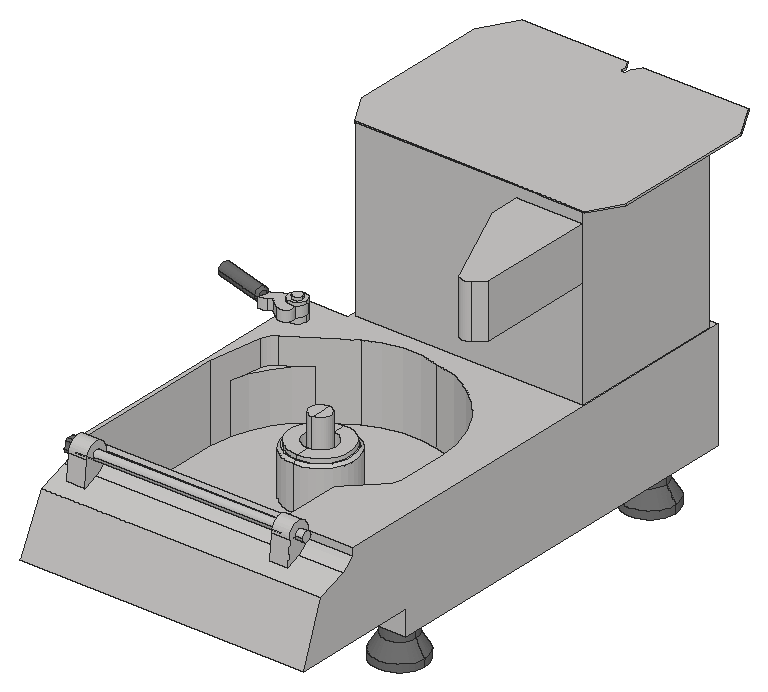
Revit family "QF_ELECTROLUXPROFESSIONAL_603278_TR260F2V38", category Specialty Equipment, Revit 2018
Family settings
  Round Connector Dimension = Use Diameter
  Part Type = Normal
  Work Plane-Based = No
  Always vertical = Yes
  Cut with Voids When Loaded = No
  Shared = No
  Room Calculation Point = No
Parameters (values of type "QF_ELECTROLUX_603278_TR260F2V38")
  Weight = 49.00 kg
  Watts = 0 W
  Volts = 380 V
  URL Manufacturer = "http://professional.electrolux.com"
  URL = "http://professional.electrolux.com"
  Steam Supply Size = 0 mm
  Steam Supply Minimum Pressure = 0.0 Pa
  Steam Supply Maximum Pressure = 0.0 Pa
  Steam Pounds per Hour = 0
  Refrigeration Suction Line Size = 0 mm
  Refrigeration Liquid Line Size = 0 mm
  Refrigerant Compressor Remote = yes
  Manufacturer = "Electrolux"
  Phase = 3
  Model = "TR260F2V38"
  Length Actual = 750 mm  # constant formula
  Item Number = "603278"
  Hot Water Size = 0 mm
  Height Actual = 440 mm  # constant formula
  HP = "2.7 HP"
  Gas Size = 0 mm
  Gas KW = 0
  Gas Input Pressure = 0 W
  Direct Waste Size = 0 mm
  Description = "VEG.SLICER-FLAT PANEL-2 SP.380-415/3/50"
  Depth Actual = 400 mm  # constant formula
  Cycle = 50 Hz
  Condensate Return Size = 0 mm
  Compressed Air Volume = 0.0 L/s
  Compressed Air Size = 0 mm
  Compressed Air Pressure = 0.0 Pa
  Cold Water Size = 0 mm
  Accessory = yes
Reference planes
  plane 1 "Center (Front/Back)": y = 0
  plane 2: z = 0
  plane 3 "Center (Left/Right)": x = 0
  plane 4 "BASE": z = 60
  plane 5 "TOP": z = 436
  plane 6 "FRONT": y = -375
  plane 7 "BACK": y = 375
  plane 8 "LEFT": x = -200
  plane 9 "RIGHT": x = 200
  plane 10: z = 104.066
  plane 11 "CX": x = -30.257
  plane 12: through (-207.564, 46.512, 4000) normal (-0.2756, -0.9613, 0)
  plane 13 "Man0": z = 225
Forms (mm)
  Extrusion 1, solid, material "QF_Finishes_Rubber Black"
    sketch origin (0, 0, 0) x (1, 0, 0) y (0, 1, 0)
      loop
        circle (-157.5, 265) r 34
    from 0 to 9.998
  Blend 2, solid, material "QF_Finishes_Rubber Black"
    base sketch origin (0, 0, 0) x (1, 0, 0) y (0, 1, 0)
      loop
        circle (-157.5, 265) r 34
    top sketch origin (0, 0, 0) x (1, 0, 0) y (0, 1, 0)
      loop
        circle (-157.5, 265) r 22
    from 10 to 30
  Extrusion 3, solid, material "QF_Finishes_Rubber Black"
    sketch origin (0, 0, 0) x (1, 0, 0) y (0, 1, 0)
      loop
        circle (-157.5, 265) r 22
    from 30 to 60
  Extrusion 4, solid, material "QF_Finishes_Rubber Black"
    sketch origin (0, -415, 0) x (1, 0, 0) y (0, 1, 0)
      loop
        circle (-157.5, 265) r 34
    from 0 to 9.998
  Blend 5, solid, material "QF_Finishes_Rubber Black"
    base sketch origin (0, -415, 0) x (1, 0, 0) y (0, 1, 0)
      loop
        circle (-157.5, 265) r 34
    top sketch origin (0, -415, 0) x (1, 0, 0) y (0, 1, 0)
      loop
        circle (-157.5, 265) r 22
    from 10 to 30
  Extrusion 6, solid, material "QF_Finishes_Rubber Black"
    sketch origin (0, -415, 0) x (1, 0, 0) y (0, 1, 0)
      loop
        circle (-157.5, 265) r 22
    from 30 to 60
  Extrusion 7, solid, material "QF_Finishes_Rubber Black"
    sketch origin (-27.5, 0, 0) x (-1, 0, 0) y (0, -1, 0)
      loop
        circle (-157.5, -265) r 34
    from 0 to 9.998
  Blend 8, solid, material "QF_Finishes_Rubber Black"
    base sketch origin (-27.5, 0, 0) x (-1, 0, 0) y (0, -1, 0)
      loop
        circle (-157.5, -265) r 34
    top sketch origin (-27.5, 0, 0) x (-1, 0, 0) y (0, -1, 0)
      loop
        circle (-157.5, -265) r 22
    from 10 to 30
  Extrusion 9, solid, material "QF_Finishes_Rubber Black"
    sketch origin (-27.5, 0, 0) x (-1, 0, 0) y (0, -1, 0)
      loop
        circle (-157.5, -265) r 22
    from 30 to 60
  Extrusion 10, solid, material "QF_Finishes_Rubber Black"
    sketch origin (-27.5, -415, 0) x (-1, 0, 0) y (0, -1, 0)
      loop
        circle (-157.5, -265) r 34
    from 0 to 9.998
  Blend 11, solid, material "QF_Finishes_Rubber Black"
    base sketch origin (-27.5, -415, 0) x (-1, 0, 0) y (0, -1, 0)
      loop
        circle (-157.5, -265) r 34
    top sketch origin (-27.5, -415, 0) x (-1, 0, 0) y (0, -1, 0)
      loop
        circle (-157.5, -265) r 22
    from 10 to 30
  Extrusion 12, solid, material "QF_Finishes_Rubber Black"
    sketch origin (-27.5, -415, 0) x (-1, 0, 0) y (0, -1, 0)
      loop
        circle (-157.5, -265) r 22
    from 30 to 60
  Extrusion 13, solid, material "QF_Finishes_Stainless Steel"
    sketch origin (0, 0, 0) x (0, 1, 0) y (0, 0, 1)
      loop
        line (320, 60) -> (320, 205) -> (-285, 205) -> (-285, 195)
        arc (-285, 195) -> (-291.829, 187.582) -> (-300.321, 182.144) r 39.318
        line (-300.321, 182.144) -> (-337.909, 168.463) -> (-366.578, 93.777) -> (-196.578, 93.777) -> (-196.578, 60) -> (320, 60)
    from -200 to 176.117
  Extrusion 14, void
    sketch origin (0, 375, 0) x (-1, 0, 0) y (0, 0, 1)
      loop
        line (199.965, 94.282) -> (207.223, 94.282) -> (207.223, 205) -> (192.223, 205) -> (199.965, 94.282)
    from -772.928 to -41.104
  Extrusion 15, void
    sketch origin (0, 375, 0) x (-1, 0, 0) y (0, 0, 1)
      loop
        line (199.96, 94.349) -> (192.223, 205) -> (133.474, 205) -> (199.96, 94.349)
    from -55 to -281.494
  Extrusion 16, solid, material "QF_Finishes_Stainless Steel"
    sketch origin (0, 0, 0) x (1, 0, 0) y (0, 1, 0)
      loop
        line (-127.778, 308.325) -> (-127.778, 99.647) -> (173.289, 99.647) -> (173.289, 308.325) -> (-127.778, 308.325)
    from 205 to 434
  Extrusion 17, solid, material "QF_Finishes_Stainless Steel"
    sketch origin (0, 0, 0) x (1, 0, 0) y (0, 1, 0)
      loop
        line (173.289, 99.647) -> (86.117, 99.647) -> (86.117, 59.647) -> (141.727, -65.256)
        arc (141.727, -65.256) -> (150.503, -72.174) -> (161.175, -68.86) r 12
        line (161.175, -68.86) -> (173.289, -56.747) -> (173.289, 99.647)
    from 350.263 to 420.638
  Extrusion 18, solid, material "QF_Finishes_Stainless Steel"
    sketch origin (0, 0, 0) x (1, 0, 0) y (0, 1, 0)
      loop
        line (-127.778, 375) -> (-153.883, 329.785) -> (-153.883, 142.948) -> (-128.883, 99.647) -> (176.117, 99.647) -> (200, 137.879) -> (200, 327.879) -> (172.795, 375) -> (32.795, 375) -> (26.325, 363.793) -> (26.325, 357.179)
        arc (26.325, 357.179) -> (22.99, 353.845) -> (19.655, 357.179) r 3.335
        line (19.655, 357.179) -> (19.655, 363.642) -> (13.097, 375) -> (-127.778, 375)
    from 434 to 436
  Extrusion 19, void
    sketch origin (0, 0, 0) x (1, 0, 0) y (0, 1, 0)
      loop
        line (-186.4, -69.835) -> (-186.4, -275) -> (80.32, -275) -> (80.32, -195.67) -> (121.822, -154.168)
        arc (121.822, -154.168) -> (125.63, -147.573) -> (126.952, -140.073) r 21.929
        line (126.952, -140.073) -> (126.952, -78.085)
        arc (126.952, -78.085) -> (90.934, 20.602) -> (0, 73.211) r 153.956
        arc (0, 73.211) -> (-47.258, 76.401) -> (-92.835, 63.504) r 138.701
        line (-92.835, 63.504) -> (-163.303, 15.973)
        arc (-163.303, 15.973) -> (-171.312, 9.487) -> (-175.339, 0) r 21.301
        line (-175.339, 0) -> (-186.4, -69.835)
    from 205 to 104.066
  Revolve 20, solid, material "QF_Finishes_Stainless Steel"
    sketch origin (-30.257, 0, 0) x (0, 1, 0) y (0, 0, 1)
      loop
        line (-80.822, 104.066) -> (-35.822, 104.066) -> (-35.822, 161.863) -> (-39.357, 165.398) -> (-41.484, 165.398) -> (-41.484, 170.84) -> (-59.291, 170.84) -> (-59.291, 110.84) -> (-67.029, 110.84) -> (-67.029, 205) -> (-80.822, 205) -> (-80.822, 104.066)
      axis (-80.822, 205) -> (-80.822, 104.066)
    angle from 0 to 360
  Extrusion 21, solid, material "QF_Finishes_Stainless Steel"
    sketch origin (0, 0, 0) x (0, 1, 0) y (0, 0, 1)
      loop
        line (-281.525, 104.066) -> (-261.525, 104.066) -> (-281.525, 178.707) -> (-281.525, 104.066)
    from -186.4 to 80.32
  Extrusion 22, solid, material "QF_Finishes_Stainless Steel"
    sketch origin (0, 0, 0) x (1, 0, 0) y (0, 1, 0)
      loop
        line (89.692, -186.298) -> (121.822, -154.168)
        arc (121.822, -154.168) -> (125.63, -147.573) -> (126.952, -140.073) r 21.929
        line (126.952, -140.073) -> (126.952, -78.085)
        arc (126.952, -78.085) -> (117.376, -135.309) -> (89.692, -186.298) r 175.767
      loop
        line (-175.339, 0) -> (-181.899, -41.416)
        arc (-181.899, -41.416) -> (-164.892, 2.629) -> (-132.358, 36.846) r 121.308
        line (-132.358, 36.846) -> (-163.303, 15.973)
        arc (-163.303, 15.973) -> (-171.312, 9.487) -> (-175.339, 0) r 21.301
    from 104.066 to 170.84
  Extrusion 23, solid, material "QF_Finishes_Stainless Steel"
    sketch origin (0, 0, 0) x (0, 1, 0) y (0, 0, 1)
      loop
        arc (-285, 207.505) -> (-300.365, 222.87) -> (-315.73, 207.505) r 15.365
        line (-315.73, 207.505) -> (-319.115, 175.304) -> (-300.321, 182.144)
        arc (-300.321, 182.144) -> (-291.829, 187.582) -> (-285, 195) r 39.318
        line (-285, 195) -> (-285, 207.505)
      loop
        circle (-300.365, 207.505) r 6.143
    from 93.058 to 116.352
  Extrusion 24, solid, material "QF_Finishes_Stainless Steel"
    sketch origin (0, 0, 0) x (0, 1, 0) y (0, 0, 1)
      loop
        arc (-285, 207.505) -> (-300.365, 222.87) -> (-315.73, 207.505) r 15.365
        line (-315.73, 207.505) -> (-319.115, 175.304) -> (-300.321, 182.144)
        arc (-300.321, 182.144) -> (-291.829, 187.582) -> (-285, 195) r 39.318
        line (-285, 195) -> (-285, 207.505)
      loop
        circle (-300.365, 207.505) r 6.143
    from -176.149 to -152.158
  Extrusion 25, solid, material "QF_Finishes_Stainless Steel"
    sketch origin (539, 0, 0) x (0, -1, 0) y (0, 0, 1)
      loop
        circle (300.365, 207.505) r 6.143
    from 412.048 to 715.149
  Extrusion 26, solid, material "QF_Finishes_Rubber Black"
    sketch origin (0, 0, 0) x (0, 1, 0) y (0, 0, 1)
      loop
        arc (-295.752, 217.171) -> (-300.365, 216.065) -> (-304.979, 217.171) r 10.177
        arc (-304.979, 217.171) -> (-306.661, 216.17) -> (-308.133, 214.879) r 10.711
        arc (-308.133, 214.879) -> (-308.507, 210.15) -> (-310.984, 206.104) r 10.177
        arc (-310.984, 206.104) -> (-310.552, 204.195) -> (-309.779, 202.396) r 10.711
        arc (-309.779, 202.396) -> (-305.397, 200.579) -> (-302.314, 196.973) r 10.177
        arc (-302.314, 196.973) -> (-300.365, 196.794) -> (-298.416, 196.973) r 10.711
        arc (-298.416, 196.973) -> (-295.333, 200.579) -> (-290.951, 202.396) r 10.177
        arc (-290.951, 202.396) -> (-290.179, 204.195) -> (-289.746, 206.104) r 10.711
        arc (-289.746, 206.104) -> (-292.224, 210.15) -> (-292.598, 214.879) r 10.177
        arc (-292.598, 214.879) -> (-294.069, 216.17) -> (-295.752, 217.171) r 10.711
    from -186.4 to -176.149
  Extrusion 27, solid, material "QF_Finishes_Stainless Steel"
    sketch origin (0, 0, 0) x (1, 0, 0) y (0, 1, 0)
      loop
        line (-205.907, 54.309) -> (-209.222, 38.715)
        arc (-209.222, 38.715) -> (-203.487, 38.886) -> (-198.344, 41.427) r 13.476
        line (-198.344, 41.427) -> (-194.435, 44.545) -> (-179.01, 33.169)
        arc (-179.01, 33.169) -> (-166.785, 34.001) -> (-165.61, 46.198) r 9.472
        arc (-165.61, 46.198) -> (-162.103, 64.631) -> (-180.484, 68.401) r 13.364
        line (-180.484, 68.401) -> (-205.907, 54.309)
      loop
        circle (-172.145, 58.474) r 6.472
    from 213.074 to 226.288
  Extrusion 28, solid, material "QF_Finishes_Stainless Steel"
    sketch origin (0, 0, 0) x (1, 0, 0) y (0, 1, 0)
      loop
        circle (-172.145, 58.474) r 11.842
      loop
        circle (-172.145, 58.474) r 6.472
    from 205 to 229.594
  Extrusion 29, solid, material "QF_Finishes_Stainless Steel"
    sketch origin (0, 0, 436) x (-1, 0, 0) y (0, -1, 0)
      loop
        circle (172.145, -58.474) r 6.472
    from -206.406 to -203.241
  Revolve 30, solid, material "QF_Finishes_Rubber Black"
    sketch origin (0, 0, 225) x (0, -1, 0) y (1, 0, 0)
      loop
        line (-46.512, -207.564) -> (-51.402, -206.525) -> (-55.733, -209.025) -> (-73.649, -271.507) -> (-65.516, -273.839) -> (-46.512, -207.564)
      axis (-46.512, -207.564) -> (-65.516, -273.839)
    angle from 0 to 360
  Extrusion 31, void
    sketch origin (0, 0, 0) x (0, 1, 0) y (0, 0, 1)
      loop
        line (170.221, 400.652) -> (105.221, 400.652) -> (105.221, 275.652) -> (170.221, 275.652) -> (170.221, 400.652)
    from -132.358 to -121.711
  Extrusion 32, solid, material "QF_Finishes_Gray"
    sketch origin (0, 0, 0) x (0, 1, 0) y (0, 0, 1)
      loop
        line (170.221, 400.652) -> (105.221, 400.652) -> (105.221, 275.652) -> (170.221, 275.652) -> (170.221, 400.652)
    from -127.778 to -121.711
  Extrusion 33, solid, material "QF_Finishes_White"
    sketch origin (0, 0, 0) x (0, 1, 0) y (0, 0, 1)
      loop
        line (134.191, 382.73) -> (120.191, 382.73) -> (120.191, 368.73) -> (134.191, 368.73) -> (134.191, 382.73)
      loop
        line (152.538, 382.73) -> (138.538, 382.73) -> (138.538, 368.73) -> (152.538, 368.73) -> (152.538, 382.73)
      loop
        line (134.191, 341.522) -> (120.191, 341.522) -> (120.191, 327.522) -> (134.191, 327.522) -> (134.191, 341.522)
    from -129.306 to -127.778
  Extrusion 34, solid, material "QF_Finishes_Stainless Steel"
    sketch origin (0, 375, 0) x (-1, 0, 0) y (0, 0, 1)
      loop
        circle (85, 225) r 10
    from -63.871 to -66.675
Cuts and joins
  Extrusion 14, Extrusion 15, Extrusion 19 cuts Extrusion 13
  joined: Extrusion 27, Extrusion 28
  Extrusion 31 cuts Extrusion 16
Lines and regions (mm)
  symbolic lines
    curve 1: line (172.795, 375, 0) -> (32.795, 375, 0)
    curve 2: line (32.795, 375, 0) -> (26.325, 363.793, 0)
    curve 3: line (26.325, 363.793, 0) -> (26.325, 357.179, 0)
    curve 4: arc (26.325, 357.179, 0) -> (22.99, 353.845, 0) -> (19.655, 357.179, 0) r 3.335
    curve 5: line (19.655, 357.179, 0) -> (19.655, 363.642, 0)
    curve 6: line (19.655, 363.642, 0) -> (13.097, 375, 0)
    curve 7: line (13.097, 375, 0) -> (-127.778, 375, 0)
    curve 8: line (200, 327.879, 0) -> (172.795, 375, 0)
    curve 9: line (-127.778, 375, 0) -> (-153.883, 329.785, 0)
    curve 10: line (-153.883, 329.785, 0) -> (-153.883, 142.948, 0)
    curve 11: line (-153.883, 320, 0) -> (-200, 320, 0)
    curve 12: line (-200, 320, 0) -> (-200, 60, 0)
    curve 13: line (-200, 93.506, 0) -> (-133.474, 93.506, 0)
    curve 14: line (-192.223, 93.506, 0) -> (-192.223, 63.506, 0)
    curve 15: line (-133.474, 107.599, 0) -> (-133.474, 93.506, 0)
    curve 16: line (-153.883, 142.948, 0) -> (-128.883, 99.647, 0)
    curve 17: line (-128.883, 99.647, 0) -> (176.117, 99.647, 0)
    curve 18: line (86.117, 99.647, 0) -> (86.117, 59.647, 0)
    curve 19: line (86.117, 59.647, 0) -> (141.727, -65.256, 0)
    curve 20: arc (141.727, -65.256, 0) -> (150.503, -72.174, 0) -> (161.175, -68.86, 0) r 12
    curve 21: line (161.175, -68.86, 0) -> (173.289, -56.747, 0)
    curve 22: line (173.289, -56.747, 0) -> (173.289, 99.647, 0)
    curve 23: line (176.117, 99.647, 0) -> (200, 137.879, 0)
    curve 24: line (176.117, -366.578, 0) -> (176.117, 99.647, 0)
    curve 25: line (-200, 40, 0) -> (-200, -366.578, 0)
    curve 26: line (-192.223, 38.506, 0) -> (-192.223, -285, 0)
    curve 27: line (-180.484, 68.401, 0) -> (-205.907, 54.309, 0)
    curve 28: arc (-160.303, 58.474, 0) -> (-172.145, 70.316, 0) -> (-183.987, 58.474, 0) r 11.842
    curve 29: arc (-183.987, 58.474, 0) -> (-172.145, 46.632, 0) -> (-160.303, 58.474, 0) r 11.842
    curve 30: arc (-178.617, 58.474, 0) -> (-172.145, 52.002, 0) -> (-165.673, 58.474, 0) r 6.472
    curve 31: arc (-165.673, 58.474, 0) -> (-172.145, 64.946, 0) -> (-178.617, 58.474, 0) r 6.472
    curve 32: arc (-183.987, 58.474, 0) -> (-172.145, 46.632, 0) -> (-160.303, 58.474, 0) r 11.842
    curve 33: arc (-179.01, 33.169, 0) -> (-166.785, 34.001, 0) -> (-165.61, 46.198, 0) r 9.472
    curve 34: arc (-165.61, 46.198, 0) -> (-162.103, 64.631, 0) -> (-180.484, 68.401, 0) r 13.364
    curve 35: line (-194.435, 44.545, 0) -> (-179.01, 33.169, 0)
    curve 36: arc (-209.222, 38.715, 0) -> (-203.487, 38.886, 0) -> (-198.344, 41.427, 0) r 13.476
    curve 37: line (-198.344, 41.427, 0) -> (-194.435, 44.545, 0)
    curve 38: line (-205.907, 54.309, 0) -> (-209.222, 38.715, 0)
    curve 39: line (-213.689, 39.466, 0) -> (-209.025, 55.733, 0)
    curve 40: line (-271.507, 73.649, 0) -> (-276.171, 57.382, 0)
    curve 41: line (-271.507, 73.649, 0) -> (-209.025, 55.733, 0)
    curve 42: line (-209.025, 55.733, 0) -> (-206.204, 52.912, 0)
    curve 43: line (-276.171, 57.382, 0) -> (-213.689, 39.466, 0)
    curve 44: line (-214.516, 39.703, 0) -> (-208.948, 40, 0)
    curve 45: line (-92.835, 63.504, 0) -> (-163.303, 15.973, 0)
    curve 46: arc (-163.303, 15.973, 0) -> (-171.312, 9.487, 0) -> (-175.339, 0, 0) r 21.301
    curve 47: line (-175.339, 0, 0) -> (-186.4, -69.835, 0)
    curve 48: arc (-181.899, -41.416, 0) -> (-164.892, 2.629, 0) -> (-132.358, 36.846, 0) r 121.308
    curve 49: arc (0, 73.211, 0) -> (-47.258, 76.401, 0) -> (-92.835, 63.504, 0) r 138.701
    curve 50: arc (126.952, -78.085, 0) -> (90.934, 20.602, 0) -> (0, 73.211, 0) r 153.956
    curve 51: arc (126.952, -78.085, 0) -> (117.376, -135.309, 0) -> (89.692, -186.298, 0) r 175.767
    curve 52: line (126.952, -140.073, 0) -> (126.952, -78.085, 0)
    curve 53: arc (121.822, -154.168, 0) -> (125.63, -147.573, 0) -> (126.952, -140.073, 0) r 21.929
    curve 54: line (80.32, -195.67, 0) -> (121.822, -154.168, 0)
    curve 55: arc (141.727, -65.256, 0) -> (150.503, -72.174, 0) -> (161.175, -68.86, 0) r 12
    curve 56: line (161.175, -68.86, 0) -> (173.289, -56.747, 0)
    curve 57: line (-186.4, -69.835, 0) -> (-186.4, -275, 0)
    curve 58: line (-186.4, -261.525, 0) -> (80.32, -261.525, 0)
    curve 59: line (-186.4, -275, 0) -> (80.32, -275, 0)
    curve 60: line (80.32, -275, 0) -> (80.32, -195.67, 0)
    curve 61: line (-192.922, -285, 0) -> (176.117, -285, 0)
    curve 62: spline (-192.922, -285, 0) -> (-193.016, -286.001, 0) -> (-193.108, -287.06, 0) -> (-193.196, -288.174, 0) -> (-193.281, -289.341, 0) -> (-193.363, -290.56, 0) -> (-193.44, -291.827, 0) -> (-193.514, -293.141, 0) -> (-193.584, -294.499, 0) -> (-193.65, -295.898, 0) -> (-193.711, -297.337, 0) -> (-193.768, -298.812, 0) -> (-193.821, -300.321, 0)
    curve 63: line (-193.821, -300.321, 0) -> (-194.777, -337.909, 0)
    curve 64: line (-194.777, -337.909, 0) -> (-200, -366.578, 0)
    curve 65: line (-200, -366.578, 0) -> (176.117, -366.578, 0)
    curve 66: line (-194.777, -337.909, 0) -> (176.117, -337.909, 0)
    curve 67: line (-176.149, -319.115, 0) -> (-152.158, -319.115, 0)
    curve 68: line (-152.158, -319.115, 0) -> (-152.158, -285, 0)
    curve 69: line (-176.149, -285, 0) -> (-176.149, -319.115, 0)
    curve 70: line (-176.149, -315.73, 0) -> (-152.158, -315.73, 0)
    curve 71: line (-186.4, -310.984, 0) -> (-176.149, -310.984, 0)
    curve 72: line (-186.4, -308.133, 0) -> (-176.149, -308.133, 0)
    curve 73: line (-176.149, -304.979, 0) -> (-186.4, -304.979, 0)
    curve 74: line (-186.4, -295.752, 0) -> (-176.149, -295.752, 0)
    curve 75: line (-186.4, -292.598, 0) -> (-176.149, -292.598, 0)
    curve 76: line (-186.4, -289.746, 0) -> (-176.149, -289.746, 0)
    curve 77: line (-186.4, -289.746, 0) -> (-186.4, -310.984, 0)
    curve 78: line (-152.158, -294.222, 0) -> (93.058, -294.222, 0)
    curve 79: line (93.058, -319.115, 0) -> (116.352, -319.115, 0)
    curve 80: line (93.058, -285, 0) -> (93.058, -319.115, 0)
    curve 81: line (116.352, -319.115, 0) -> (116.352, -285, 0)
    curve 82: line (126.952, -306.509, 0) -> (126.952, -294.222, 0)
    curve 83: line (-152.158, -306.509, 0) -> (93.058, -306.509, 0)
    curve 84: line (116.352, -294.222, 0) -> (126.952, -294.222, 0)
    curve 85: line (116.352, -306.509, 0) -> (126.952, -306.509, 0)
    curve 86: line (200, 137.879, 0) -> (200, 327.879, 0)
Dimensions and locks
  plane 4 "BASE" to level = 60 mm
  plane 5 "TOP" to level = 436 mm  (x2)
  plane 8 "LEFT" to plane 3 "Center (Left/Right)" to plane 9 "RIGHT" = 200 mm, 200 mm
  plane 7 "BACK" to plane 1 "Center (Front/Back)" to plane 6 "FRONT" = 375 mm, 375 mm
  plane 8 "LEFT" to plane 9 "RIGHT" = 400 mm
  plane 7 "BACK" to plane 6 "FRONT" = 750 mm
  plane 13 "Man0" to level = 225 mm
  aligned and locked: level to plane 2
Connectors
  electrical at (-85, 311.129, 225), driven by "Volts"
    settings: on Extrusion 34, index 1, voltage 380 V, apparent load 0 VA, apparent load phase1 0 VA, apparent load phase2 0 VA, apparent load phase3 0 VA, power factor 1, load classification "Other", number of poles 1, system type 30, power factor state 1, is connector primary yes, connector utility no, sub classification motor no, connector description "Electrical Connection"
